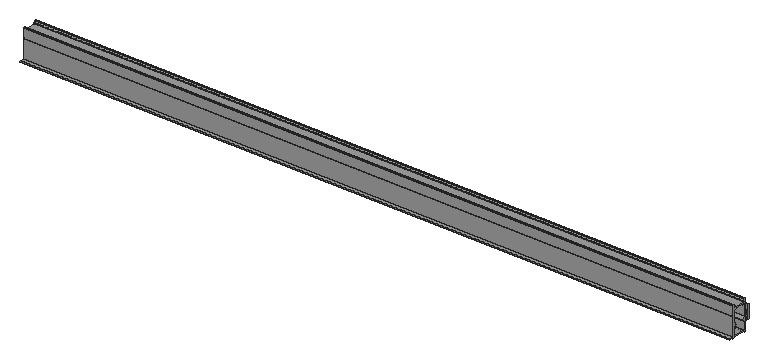
Revit family "Alcon-12100-20-PR-Revit-Family", category Lighting Fixtures, host Ceiling, Revit 2021
Family settings
  Host = Ceiling
  Round Connector Dimension = Use Diameter
  Part Type = Normal
  Always vertical = Yes
  Cut with Voids When Loaded = No
  Light Source = Yes
  Shared = No
  Room Calculation Point = No
Parameters (values of type "8'")
  Wattage = 9.2903 W
  built-in parameter 1150110 = 1 (stored number, unit not read)
  built-in parameter 1114217 = 1 (stored number, unit not read)
  built-in parameter 1150109 = 1 (stored number, unit not read)
  built-in parameter 1150134 = 3
  built-in parameter 1150113 = 1 (stored number, unit not read)
  Product identity = "Alcon Lighting 12100-20-pr"
  Manufacturer = "Alcon Light"
  built-in parameter 1150105 = 439.27 (stored number, unit not read)
  Lumens = 1380 lm
  built-in parameter 1150115 = 1 (stored number, unit not read)
  Link To Product Page = ""
  Light Source Symbol Size = 0' - 1 1/2"
  built-in parameter 1150137 = (empty or 0)
  built-in parameter 1150139 = (empty or 0)
  Lens = Lens
  Length = 8' - 0"
  built-in parameter 1150112 = 1 (stored number, unit not read)
  built-in parameter 1150114 = 1 (stored number, unit not read)
  built-in parameter 1150132 = (empty or 0)
  built-in parameter 1150102 = (empty or 0)
  built-in parameter 1150107 = 3200 (stored number, unit not read)
  built-in parameter 1150138 = (empty or 0)
  built-in parameter 1150106 = 4.3927 (stored number, unit not read)
  Housing = Default
  Emit from Line Length = 8' - 0"
  built-in parameter 1150104 = 13.8 (stored number, unit not read)
  Dimming Lamp Color Temperature Shift = <None>
  Default Elevation = 0' - 0"
  Color Filter = 16777215
  built-in parameter 1114218 = 1 (stored number, unit not read)
  built-in parameter 1150133 = 10 (stored number, unit not read)
Types (4): name | Length | Emit from Line Length
  (no name) | 8' - 0" | 8' - 0"
  4' | 4' - 0" | 4' - 0"
  6' | 6' - 0" | 6' - 0"
  8' | 8' - 0" | 8' - 0"
Reference planes (in)
  plane 1 "Center (Front/Back)": y = 0
  plane 2 "Ceiling": z = 96
  plane 3 "Center (Left/Right)": x = 0
  plane 4: x = -48
  plane 5: x = 48
Forms (in)
  Extrusion 1, solid, material "Default" <- "Housing"
    sketch origin (-22.84554, 0, 256.94031) x (0, -1, 0) y (0, 0, -1)
      loop
        line (-1, 160.89344) -> (-1, 156.91191) -> (-0.83277, 156.91191) -> (-0.71632, 157.05069) -> (-0.79252, 157.12689) -> (-0.88778, 157.03163) -> (-0.88778, 157.28163) -> (0.88778, 157.28163) -> (0.88778, 157.03163) -> (0.79252, 157.12689) -> (0.71632, 157.05069) -> (0.83277, 156.91191) -> (1, 156.91191) -> (1, 160.89344) -> (0.87433, 160.89344) -> (0.82255, 160.84165) -> (0.82255, 160.75123) -> (0.88778, 160.80597) -> (0.88778, 159.57159) -> (0.77632, 159.50195) -> (0.85476, 159.37643) -> (0.85476, 159.23019) -> (0.71061, 159.46088) -> (0.62282, 159.40603) -> (0.88778, 158.982) -> (0.88778, 157.39018) -> (0.67076, 157.39018) -> (0.67076, 157.55788) -> (0.56291, 157.55788) -> (0.56291, 157.39018) -> (-0.56291, 157.39018) -> (-0.56291, 157.55788) -> (-0.67076, 157.55788) -> (-0.67076, 157.39018) -> (-0.88778, 157.39018) -> (-0.88778, 158.982) -> (-0.62282, 159.40603) -> (-0.71061, 159.46088) -> (-0.85476, 159.23019) -> (-0.85476, 159.37643) -> (-0.77632, 159.50195) -> (-0.88778, 159.57159) -> (-0.88778, 160.80597) -> (-0.82255, 160.75123) -> (-0.82255, 160.84165) -> (-0.87433, 160.89344) -> (-1, 160.89344)
    from -25.15446 to 70.84554
  Extrusion 2, solid, material "Lens" <- "Lens"
    sketch origin (-22.84554, 0, 256.80565) x (0, -1, 0) y (0, 0, -1)
      loop
        line (0.88778, 160.55565) -> (0.88778, 160.61815) -> (-0.88778, 160.61815) -> (-0.88778, 160.55565) -> (0.88778, 160.55565)
    from -25.15446 to 70.84554
  Extrusion 3, solid, material "Default" <- "Housing"
    sketch origin (-22.84554, -11.35839, 256.94031) x (0, 1, 0) y (0, 0, 1)
      loop
        line (12.89759, -157.78329) -> (12.77259, -157.78329) -> (12.77259, -159.5278) -> (12.48339, -159.5278) -> (12.48339, -159.20957) -> (12.35839, -159.20957) -> (12.35839, -159.6528) -> (12.89759, -159.6528) -> (12.89759, -157.78329)
      loop
        line (12.73584, -159.47859) -> (12.73584, -159.02552) -> (12.48339, -159.02552) -> (12.48339, -158.40052) -> (12.35839, -158.40052) -> (12.35839, -159.15052) -> (12.61084, -159.15052) -> (12.61084, -159.47859) -> (12.73584, -159.47859)
      loop
        line (10.35839, -158.22156) -> (10.23339, -158.22156) -> (10.23339, -160.62781) -> (9.72473, -160.62781) -> (9.72473, -160.75281) -> (10.35839, -160.75281) -> (10.35839, -158.22156)
    from -25.15446 to 70.84554
  Extrusion 4, void
    sketch origin (0, 0, 96) x (1, 0, 0) y (0, 1, 0)
      loop
        line (-48, 0.88778) -> (-48, -0.88778) -> (48, -0.88778) -> (48, 0.88778) -> (-48, 0.88778)
    from -0.34628 to 3.81561
Dimensions and locks (in)
  equal spacing: host sketch curve, plane 3 "Center (Left/Right)", host sketch curve
  equal spacing: host sketch curve, plane 1 "Center (Front/Back)", host sketch curve
  host sketch curve to host sketch curve = 10' - 0"  (x2)
  equal spacing: plane 4, plane 3 "Center (Left/Right)", plane 5
  "Length": plane 4 to plane 5
  aligned and locked: Extrusion 2 to plane 4
  aligned and locked: Extrusion 1 to plane 4
  aligned and locked: Extrusion 3 to plane 4
  aligned and locked: plane 5 to Extrusion 3
  aligned and locked: plane 5 to Extrusion 2
  aligned and locked: plane 5 to Extrusion 1
  aligned and locked: Extrusion 4 to plane 4
  aligned and locked: plane 5 to Extrusion 4
Automatic sketch dimensions
  Extrusion 1 sketch curve to plane 1 "Center (Front/Back)" = 0' - 1"
  Extrusion 1 sketch curve to Extrusion 1 sketch curve = 0' - 0.11222"  (x4)
  Extrusion 1 sketch curve to Extrusion 1 sketch curve = 0' - 0.01344"
  Extrusion 1 sketch curve to Extrusion 1 sketch curve = 0' - 0.03302"  (x2)
  Extrusion 1 sketch curve to Extrusion 1 sketch curve = 0' - 0.05501"
  Extrusion 1 sketch curve to Extrusion 1 sketch curve = 0' - 0.09526"
  Extrusion 1 sketch curve to Extrusion 1 sketch curve = 0' - 0.11146"  (x2)
  Extrusion 1 sketch curve to Extrusion 1 sketch curve = 0' - 0.06523"
  Extrusion 1 sketch curve to Extrusion 1 sketch curve = 0' - 0.0762"  (x2)
  Extrusion 1 sketch curve to Extrusion 1 sketch curve = 0' - 0.06572"  (x2)
  Extrusion 1 sketch curve to Extrusion 1 sketch curve = 0' - 0.21702"
  Extrusion 1 sketch curve to Extrusion 1 sketch curve = 0' - 0.08779"  (x2)
  Extrusion 1 sketch curve to Extrusion 1 sketch curve = 0' - 0.10785"  (x2)
  Extrusion 1 sketch curve to Extrusion 1 sketch curve = 0' - 1.12581"
  Extrusion 1 sketch curve to Extrusion 1 sketch curve = 0' - 1.24564"
  Extrusion 1 sketch curve to Extrusion 1 sketch curve = 0' - 0.04556"
  Extrusion 1 sketch curve to Extrusion 1 sketch curve = 0' - 0.11194"
  Extrusion 1 sketch curve to Extrusion 1 sketch curve = 0' - 0.11645"
  Extrusion 1 sketch curve to Extrusion 1 sketch curve = 0' - 0.07843"
  Extrusion 1 sketch curve to Extrusion 1 sketch curve = 0' - 0.05179"
  Extrusion 1 sketch curve to Extrusion 1 sketch curve = 0' - 0"  (x3)
  plane 2 "Ceiling" to Extrusion 1 sketch curve = 0' - 4.0284"
  Extrusion 1 sketch curve to Extrusion 1 sketch curve = 0' - 0.11972"  (x2)
  Extrusion 1 sketch curve to Extrusion 1 sketch curve = 0' - 0.01906"  (x2)
  Extrusion 1 sketch curve to Extrusion 1 sketch curve = 0' - 0.15474"
  Extrusion 1 sketch curve to Extrusion 1 sketch curve = 0' - 0.10855"  (x2)
  Extrusion 1 sketch curve to Extrusion 1 sketch curve = 0' - 0.1677"  (x2)
  Extrusion 1 sketch curve to Extrusion 1 sketch curve = 0' - 1.42412"  (x2)
  Extrusion 1 sketch curve to Extrusion 1 sketch curve = 0' - 0.24819"  (x2)
  Extrusion 1 sketch curve to Extrusion 1 sketch curve = 0' - 0.14623"  (x2)
  Extrusion 1 sketch curve to Extrusion 1 sketch curve = 0' - 0.04106"  (x2)
  Extrusion 1 sketch curve to Extrusion 1 sketch curve = 0' - 1.17964"  (x2)
  Extrusion 1 sketch curve to Extrusion 1 sketch curve = 0' - 0.05474"  (x2)
  Extrusion 1 sketch curve to Extrusion 1 sketch curve = 0' - 0.03569"  (x2)
  Extrusion 1 sketch curve to Extrusion 1 sketch curve = 0' - 0.08747"  (x2)
  Extrusion 2 sketch curve to plane 1 "Center (Front/Back)" = 0' - 0.88778"
  Extrusion 2 sketch curve to Extrusion 2 sketch curve = 0' - 1.77556"
  plane 2 "Ceiling" to Extrusion 2 sketch curve = 0' - 0 1/4"
  Extrusion 2 sketch curve to Extrusion 2 sketch curve = 0' - 0 1/16"
  Extrusion 3 sketch curve to plane 1 "Center (Front/Back)" = 0' - 1.63367"
  Extrusion 3 sketch curve to Extrusion 3 sketch curve = 0' - 0.50867"
  Extrusion 3 sketch curve to Extrusion 3 sketch curve = 0' - 0 1/8"  (x8)
  Extrusion 3 sketch curve to Extrusion 3 sketch curve = 0' - 2"
  Extrusion 3 sketch curve to Extrusion 3 sketch curve = 0' - 0"
  Extrusion 3 sketch curve to Extrusion 3 sketch curve = 0' - 0.12744"
  Extrusion 3 sketch curve to Extrusion 3 sketch curve = 0' - 0.03676"
  plane 2 "Ceiling" to Extrusion 3 sketch curve = 0' - 0 3/16"
  Extrusion 3 sketch curve to Extrusion 3 sketch curve = 0' - 1.10002"
  Extrusion 3 sketch curve to Extrusion 3 sketch curve = 0' - 0.04921"
  Extrusion 3 sketch curve to Extrusion 3 sketch curve = 0' - 0.26902"
  Extrusion 3 sketch curve to Extrusion 3 sketch curve = 0' - 0.05905"
  Extrusion 3 sketch curve to Extrusion 3 sketch curve = 0' - 0 5/8"
  Extrusion 3 sketch curve to Extrusion 3 sketch curve = 0' - 0.17896"
  Extrusion 3 sketch curve to Extrusion 3 sketch curve = 0' - 0.61723"
  plane 4 to Extrusion 4 sketch curve = 0' - 0"
  Extrusion 4 sketch curve to plane 5 = 0' - 0"
  plane 1 "Center (Front/Back)" to Extrusion 4 sketch curve = 0' - 0.88778"
  Extrusion 4 sketch curve to Extrusion 4 sketch curve = 0' - 1.77556"
